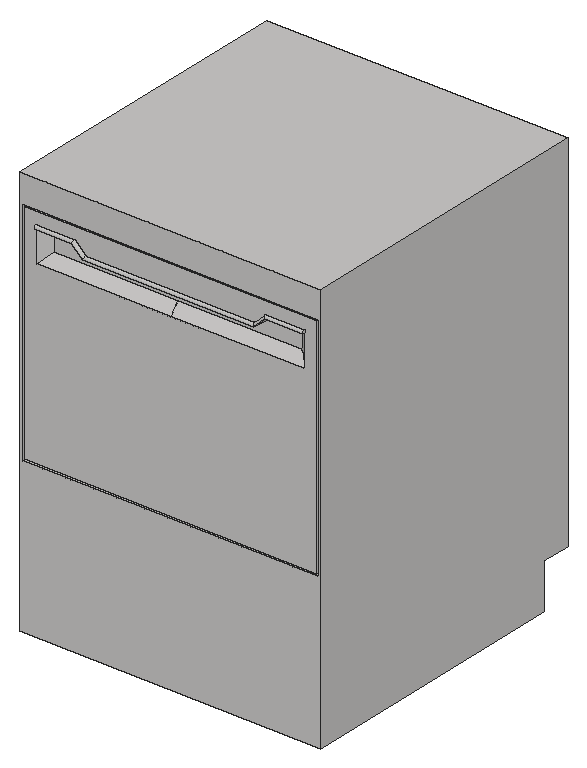
Revit family "QF_ELECTROLUXPROFESSIONAL_502711_ELI3G5M", category Specialty Equipment, Revit 2018
Family settings
  Round Connector Dimension = Use Diameter
  Part Type = Normal
  Work Plane-Based = No
  Always vertical = Yes
  Cut with Voids When Loaded = No
  Shared = No
  Room Calculation Point = No
Parameters
  Weight = 68.00 kg
  Watts = 0 W
  Volts = 0 V
  URL Manufacturer = ""
  URL = "http://professional.electrolux.com/"
  Steam Supply Size = 0 mm
  Steam Supply Minimum Pressure = 0.0 Pa
  Steam Supply Maximum Pressure = 0.0 Pa
  Steam Pounds per Hour = 0
  Show Logo [instance] = yes
  Show Clearance [instance] = yes
  Refrigeration Suction Line Size = 0 mm
  Refrigeration Liquid Line Size = 0 mm
  Refrigerant Compressor Remote = yes
  Manufacturer = ""
  Phase = 0
  Model = ""
  Length Actual = 600 mm  # constant formula
  Item Number = ""
  Hot Water Size = 0 mm
  Height Actual = 820 mm  # constant formula
  HP = "9.2 HP"
  Gas Size = 0 mm
  Gas KW = 0
  Gas Input Pressure = 0 W
  Direct Waste Size = 20.5 mm
  Description = ""
  Depth Actual = 615 mm  # constant formula
  Cycle = 0 Hz
  Condensate Return Size = 0 mm
  Compressed Air Volume = 0.0 L/s
  Compressed Air Size = 0 mm
  Compressed Air Pressure = 0.0 Pa
  Cold Water Size = 0 mm
  Accessory = yes
Types (2, lengths in mm): name | Volts | URL Manufacturer | URL | Manufacturer | Phase | Model | Item Number | Hot Water Size | Description | Cycle
  (no name) | 0 V | "" | "http://professional.electrolux.com/" | "" | 0 | "" | "" | 0 | "" | 0 Hz
  Standard | 400 V | "http://professional.electrolux.com" | "http://professional.electrolux.com" | "Electrolux Professional" | 3 | "ELI3G5M" | "502711" | 19.05 | "UNDERCOUNTER(L), DOUBLE SKIN, 3PH, DP, DD, 720D/H - 400V/3/50HZ MARINE" | 50 Hz
Reference planes
  plane 1 "Center (Front/Back)": y = 0
  plane 2: z = 0
  plane 3 "Center (Left/Right)": x = 0
  plane 4 "LEFT": x = -300
  plane 5 "RIGHT": x = 300
  plane 6 "FRONT": y = -307.5
  plane 7 "BACK": y = 307.5
  plane 8: z = 830
  plane 9: z = 10
  plane 10: y = 268.5
Forms (mm)
  Extrusion 1, solid, material "QF_Finishes_Stainless Steel"
    sketch origin (0, 0, 0) x (1, 0, 0) y (0, 1, 0)
      loop
        line (-300, -307.5) -> (300, -307.5) -> (300, 249.5) -> (-300, 249.5) -> (-300, -307.5)
    from 10 to 830
  Extrusion 2, solid, material "QF_Finishes_Stainless Steel"
    sketch origin (0, 0, 0) x (1, 0, 0) y (0, 1, 0)
      loop
        line (-300, 249.5) -> (300, 249.5) -> (300, 307.5) -> (-300, 307.5) -> (-300, 249.5)
    from 100 to 830
  Extrusion 3, solid, material "QF_Finishes_Stainless Steel"
    sketch origin (0, 0, 0) x (1, 0, 0) y (0, 1, 0)
      loop
        circle (-254, 193.5) r 12.5
      loop
        circle (254, 193.5) r 12.5
      loop
        circle (-254, -237.5) r 12.5
      loop
        circle (254, -237.5) r 12.5
    from 0 to 10
  Extrusion 4, void
    sketch origin (-300, -307.5, 0) x (-1, 0, 0) y (0, 0, 1)
      loop
        line (-5, 773.217) -> (-595, 773.217) -> (-595, 315.188) -> (-5, 315.188) -> (-5, 773.217)
    from 0 to 30
  Extrusion 5, solid, material "QF_Finishes_Stainless Steel"
    sketch origin (-274, -411, 733) x (0, 0, -1) y (1, 0, 0)
      loop
        circle (693, 143) r 10
    from -660.5 to -718.5
  Extrusion 6, solid, material "QF_Door-Drawer Clearances", visible <- "Show Clearance", detail levels coarse
    sketch origin (-230, -282.5, 0) x (0, 1, 0) y (0, 0, -1)
      loop
        line (-25, -319.312) -> (-397, -319.312)
        arc (-397, -319.312) -> (-298.139, -616.581) -> (-25, -770) r 434.302
        line (-25, -770) -> (-25, -319.312)
    from 61.225 to -521.647
  Extrusion 7, solid, material "QF_Finishes_Stainless Steel"
    sketch origin (-331.481, -411, 703) x (0, 0, -1) y (1, 0, 0)
      loop
        circle (663, 252.481) r 8
    from -660.5 to -718.5
  Extrusion 8, solid, material "QF_Finishes_Stainless Steel"
    sketch origin (-230, -282.5, 0) x (0, 1, 0) y (0, 0, -1)
      loop
        line (-25, -319.312) -> (-25, -770) -> (0, -770) -> (0, -319.312) -> (-25, -319.312)
    from 61.225 to -521.647
  Extrusion 9, solid, material "QF_Finishes_Stainless Steel"
    sketch origin (-301, 942.75, 760.5) x (0, -1, 0) y (1, 0, 0)
      loop
        circle (663, 158) r 8
    from -660.5 to -670.5
  Blend 10, void
    base sketch origin (-230, -307.5, 770) x (0, 0, -1) y (1, 0, 0)
      loop
        line (93.563, -37.311) -> (93.563, 230) -> (93.563, 497.311) -> (28.563, 497.311) -> (28.563, 422.311) -> (49.776, 401.098) -> (49.776, 230) -> (49.776, 58.902) -> (28.563, 37.689) -> (28.563, -37.311) -> (93.563, -37.311)
    top sketch origin (-230, -307.5, 770) x (0, 0, -1) y (1, 0, 0)
      loop
        line (73.563, -17.311) -> (73.563, 230) -> (73.563, 477.311) -> (31.063, 477.311) -> (31.063, 422.311) -> (52.276, 401.098) -> (52.276, 58.902) -> (31.063, 37.689) -> (31.063, -17.311) -> (73.563, -17.311)
    from 0 to -19.433
  Sweep 11, solid, material "QF_Finishes_Stainless Steel"
    path origin (-230, -307.5, 770) x (0, 0, -1) y (1, 0, 0)
      loop
        line (28.563, -37.311) -> (28.563, 37.689) -> (49.776, 58.902) -> (49.776, 401.098) -> (28.563, 422.311) -> (28.563, 497.311)
    profile origin (-229.811, -307.5, 741.437) x (0, 0, 1) y (0, -1, 0)
      loop
        line (0, 0) -> (5, 0)
        arc (5, 0) -> (3.536, 3.536) -> (0, 5) r 5
        arc (0, 5) -> (-0.037, 0.962) -> (-0.394, -3.06) r 51.04
        line (-0.394, -3.06) -> (0, 0)
Cuts and joins
  Extrusion 4 cuts Extrusion 1
  joined: Extrusion 1, Extrusion 2
  Blend 10 cuts Extrusion 8
Lines and regions (mm)
  Split face 1
    outline origin (-300, -307.5, 830) x (0, 0, -1) y (1, 0, 0)
      loop
        line (56.783, 5) -> (56.783, 0)
      loop
        line (56.783, 595) -> (56.783, 600)
      loop
        line (37.034, 600) -> (37.034, 514.297)
        arc (37.034, 514.297) -> (37.64, 511.25) -> (39.366, 508.667) r 7.962
        line (39.366, 508.667) -> (44.289, 503.744)
        arc (44.289, 503.744) -> (46.135, 500.982) -> (46.783, 497.723) r 8.515
        line (46.783, 497.723) -> (46.783, 87.277)
        arc (46.783, 87.277) -> (46.135, 84.018) -> (44.289, 81.256) r 8.515
        line (44.289, 81.256) -> (39.366, 76.333)
        arc (39.366, 76.333) -> (37.64, 73.75) -> (37.034, 70.703) r 7.962
        line (37.034, 70.703) -> (37.034, 0)
  Split face 2
    outline origin (-300, -307.5, 830) x (0, 0, -1) y (1, 0, 0)
      loop
        line (13.15, 274.82) -> (37.034, 274.82) -> (37.034, 325.18) -> (13.15, 325.18) -> (13.15, 274.82)
  symbolic lines
    curve 1: line (-300, 307.5, 0) -> (300, 307.5, 0)
    curve 2: line (-300, -307.5, 0) -> (-300, 307.5, 0)
    curve 3: line (300, -307.5, 0) -> (-300, -307.5, 0)
    curve 4: line (300, 307.5, 0) -> (300, -307.5, 0)
  symbolic lines, style "QF_Door-Drawer Clearances"
    curve 5: line (-291.225, -679.5, 0) -> (291.647, -679.5, 0)
    curve 6: line (291.647, -679.5, 0) -> (291.647, -307.5, 0)
    curve 7: line (-291.225, -679.5, 0) -> (-291.225, -307.5, 0)
  symbolic lines, style "SpecialityEquipmentHiddenLines"
    curve 8: line (-300, 249.5, 0) -> (300, 249.5, 0)
Dimensions and locks
  equal spacing: plane 4 "LEFT", plane 3 "Center (Left/Right)", plane 5 "RIGHT"
  equal spacing: plane 7 "BACK", plane 1 "Center (Front/Back)", plane 6 "FRONT"
  plane 7 "BACK" to plane 6 "FRONT" = 615 mm
  plane 4 "LEFT" to plane 5 "RIGHT" = 600 mm
  locked: plane 9 to level at 10
  plane 4 "LEFT" to plane 3 "Center (Left/Right)" = 300 mm
  plane 8 to level = 830 mm  (x2)
  Extrusion 9 sketch curve to plane 4 "LEFT" = 157 mm
  level to Extrusion 5 sketch curve = 40 mm
  Extrusion 5 sketch curve to plane 4 "LEFT" = 169 mm
  Extrusion 7 sketch curve to plane 4 "LEFT" = 221 mm
  level to Extrusion 7 sketch curve = 40 mm
  Extrusion 3 to cut or joined group of Extrusion 1, Extrusion 2, Extrusion 4 = 114 mm
  Extrusion 3 to Extrusion 3 = 431 mm
  plane 6 "FRONT" to Extrusion 3 = 70 mm
  plane 1 "Center (Front/Back)" to plane 6 "FRONT" = 307.5 mm
  locked: plane 7 "BACK" to plane 10 at 39
  plane 7 "BACK" to curve 5 = 987 mm
  Extrusion 8 to cut or joined group of Extrusion 1, Extrusion 2, Extrusion 4 = 454.812 mm
  aligned and locked: level to plane 2
  aligned and locked: Extrusion 1 sketch curve to plane 6 "FRONT"
  aligned and locked: Extrusion 1 sketch curve to plane 4 "LEFT"
  aligned and locked: plane 5 "RIGHT" to Extrusion 1 sketch curve
  aligned and locked: Extrusion 1 to plane 9
  aligned and locked: Extrusion 2 sketch curve to Extrusion 1
  aligned and locked: plane 7 "BACK" to Extrusion 2 sketch curve
  aligned and locked: plane 5 "RIGHT" to Extrusion 2 sketch curve
  aligned and locked: plane 9 to Extrusion 3
Automatic sketch dimensions
  Extrusion 1 sketch curve to plane 10 = 19 mm
  Extrusion 2 sketch curve to plane 10 = 19 mm
  plane 4 "LEFT" to Extrusion 3 sketch curve = 46 mm  (x2)
  Extrusion 3 sketch curve to plane 5 "RIGHT" = 46 mm  (x2)
  plane 6 "FRONT" to Extrusion 3 sketch curve = 70 mm  (x2)
  Extrusion 3 sketch curve to plane 10 = 75 mm  (x2)
  Extrusion 4 sketch curve to Extrusion 1 = 5 mm  (x2)
  Extrusion 4 sketch curve to Extrusion 1 = 305.188 mm
  Extrusion 4 sketch curve to Extrusion 1 = 56.783 mm
  Extrusion 8 sketch curve to plane 6 "FRONT" = 0 mm
  Extrusion 8 sketch curve to Extrusion 8 sketch curve = 25 mm
  Extrusion 8 sketch curve to plane 8 = 60 mm
  plane 9 to Extrusion 8 sketch curve = 309.312 mm
  cut or joined group of Extrusion 1, Extrusion 2, Extrusion 4 to Split face 1 sketch curve = 0 mm  (x2)
  Split face 1 sketch curve to cut or joined group of Extrusion 1, Extrusion 2, Extrusion 4 = 0 mm  (x6)
  cut or joined group of Extrusion 1, Extrusion 2, Extrusion 4 to Split face 1 sketch curve = 10 mm
  Split face 1 sketch curve to Split face 1 sketch curve = 2.494 mm  (x2)
  Split face 1 sketch curve to Split face 1 sketch curve = 8.515 mm  (x2)
  cut or joined group of Extrusion 1, Extrusion 2, Extrusion 4 to Split face 1 sketch curve = 11.786 mm  (x2)
  Split face 1 sketch curve to Split face 1 sketch curve = 5.63 mm  (x2)
  Split face 1 sketch curve to Split face 1 sketch curve = 2.332 mm  (x2)
  Split face 1 sketch curve to cut or joined group of Extrusion 1, Extrusion 2, Extrusion 4 = 65.703 mm
  Split face 1 sketch curve to Split face 1 sketch curve = 4.923 mm  (x2)
  Split face 1 sketch curve to cut or joined group of Extrusion 1, Extrusion 2, Extrusion 4 = 97.277 mm
  Split face 2 sketch curve to cut or joined group of Extrusion 1, Extrusion 2, Extrusion 4 = 13.15 mm
  cut or joined group of Extrusion 1, Extrusion 2, Extrusion 4 to Split face 2 sketch curve = 19.749 mm
  Split face 2 sketch curve to cut or joined group of Extrusion 1, Extrusion 2, Extrusion 4 = 269.82 mm
  Split face 2 sketch curve to Split face 2 sketch curve = 50.359 mm
  curve 1 to plane 4 "LEFT" = 0 mm
  curve 7 to plane 6 "FRONT" = 0 mm
  curve 4 to plane 5 "RIGHT" = 0 mm
  curve 8 to plane 10 = 19 mm
  curve 2 to plane 7 "BACK" = 0 mm
  plane 4 "LEFT" to curve 5 = 8.775 mm
  curve 6 to plane 5 "RIGHT" = 8.353 mm
  Extrusion 6 sketch curve to plane 6 "FRONT" = 0 mm
  plane 6 "FRONT" to Extrusion 6 sketch curve = 61.803 mm
  plane 9 to Extrusion 6 sketch curve = 330.118 mm
  Extrusion 6 sketch curve to Extrusion 6 sketch curve = 20.806 mm
  Extrusion 6 sketch curve to plane 6 "FRONT" = 372 mm
  Blend 10 sketch curve to Extrusion 8 = 28.563 mm  (x2)
  Blend 10 sketch curve to Extrusion 8 = 49.776 mm
  Blend 10 sketch curve to Blend 10 sketch curve = 65 mm
  Extrusion 8 to Blend 10 sketch curve = 23.913 mm
  Blend 10 sketch curve to Blend 10 sketch curve = 75 mm  (x2)
  Blend 10 sketch curve to Blend 10 sketch curve = 21.213 mm  (x5)
  Blend 10 sketch curve to Blend 10 sketch curve = 171.098 mm  (x2)
  Blend 10 sketch curve to Blend 10 sketch curve = 0 mm
  Extrusion 8 to Blend 10 sketch curve = 120.549 mm
  Extrusion 8 to Blend 10 sketch curve = 99.335 mm
  Extrusion 8 to Blend 10 sketch curve = 43.913 mm
  Blend 10 sketch curve to Blend 10 sketch curve = 42.5 mm
  Extrusion 8 to Blend 10 sketch curve = 44.335 mm
  Blend 10 sketch curve to Blend 10 sketch curve = 55 mm  (x2)
  Blend 10 sketch curve to Extrusion 8 = 31.063 mm
  Extrusion 8 to Sweep 11 sketch curve = 98.913 mm
  Sweep 11 sketch curve to Sweep 11 sketch curve = 21.213 mm  (x4)
  Extrusion 8 to Sweep 11 sketch curve = 23.913 mm
  Sweep 11 sketch curve to Extrusion 8 = 28.563 mm
  Extrusion 8 to Sweep 11 sketch curve = 99.335 mm
  Extrusion 8 to Sweep 11 sketch curve = 24.335 mm
  profile plane to Sweep 11 sketch curve = 0 mm  (x2)
  Sweep 11 sketch curve to profile plane = 0 mm
  profile plane to Sweep 11 sketch curve = 3.452 mm
  Sweep 11 sketch curve to Sweep 11 sketch curve = 5 mm
  profile plane to Sweep 11 sketch curve = 0.394 mm
  Sweep 11 sketch curve to profile plane = 3.06 mm
  plane 10 to Extrusion 9 sketch curve = 11.25 mm
  radius of Extrusion 3 sketch curve = 12.5 mm  (x4)
  radius of Extrusion 5 sketch curve = 10 mm
  radius of Extrusion 7 sketch curve = 8 mm
  radius of Extrusion 9 sketch curve = 8 mm
Connectors
  piping at (-131, 307.5, 40), diameter 20
    settings: on Extrusion 5, index 1, connector inside diameter 609.6 mm, connector length 0 mm, flow factor 0, pipe flow 0.0 L/s, pressure drop 0.0 Pa, fitting loss kfactor 0, connector angle 0.00°, fixture units 0, engagement length 0 mm, angle of deflection 0.00°, flow configuration 1, flow direction 1, fitting loss method 0, system type 16, joint type 0, gender type 0, connector reference index -1, connector utility 0, adjustable connector no, is connector primary yes, connector description "Drain"
  piping at (-79, 307.5, 40), diameter 16
    settings: on Extrusion 7, index 3, connector inside diameter 609.6 mm, connector length 0 mm, flow factor 0, pipe flow 0.0 L/s, pressure drop 0.0 Pa, fitting loss kfactor 0, connector angle 0.00°, fixture units 0, engagement length 0 mm, angle of deflection 0.00°, flow configuration 1, flow direction 1, fitting loss method 0, system type 20, joint type 0, gender type 0, connector reference index -1, connector utility 0, adjustable connector no, is connector primary no, connector description "Cold Water Inlet"
  electrical at (-143, 279.75, 90), driven by "Volts"
    settings: on Extrusion 9, index 4, voltage 0 V, apparent load 0 VA, apparent load phase1 0 VA, apparent load phase2 0 VA, apparent load phase3 0 VA, power factor 1, load classification "Altro", number of poles 1, system type 31, power factor state 1, is connector primary yes, connector utility no, sub classification motor no, connector description "Electrical Connection"
